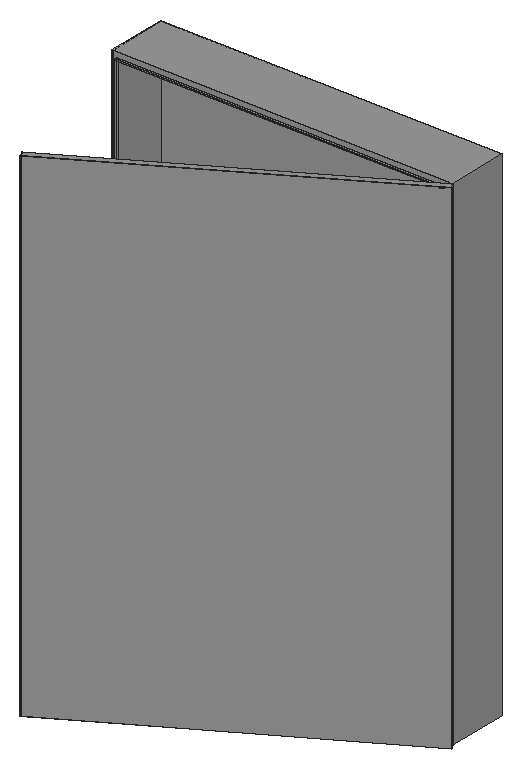
Revit family "Hager-Univers-IP54-D205-H550-Cl.I-Encl-NoHosted-CH-it", category Electrical Equipment, Revit 2020
Family settings
  Panel Configuration = Two Columns, Circuits Across
  Round Connector Dimension = Use Diameter
  Part Type = Panelboard
  Work Plane-Based = Yes
  Always vertical = Yes
  Cut with Voids When Loaded = No
  Shared = No
  Room Calculation Point = No
Parameters (values of type "A parete IP54 L1050 A1550 P205  - FP04TW2")
  Width Control [instance] = if([EF000008 - Larghezza] > Min Width, [EF000008 - Larghezza], Min Width)  # 1050 mm
  Type Comments = [HG000003 - Gamma]  # "Univers"
  Thickness Door [instance] = if([EF009171 - spessore materiale porta/coperchio] > 3 mm, 3 mm, [EF009171 - spessore materiale porta/coperchio])  # 1 mm
  Seal Frame Offset [instance] = 17 mm  # constant formula
  Plinth Visibility [instance] = [HG000027 - Altezza dello zoccolo] > 0 mm  # no
  Min Width [instance] = 100 mm  # constant formula
  Min Depth [instance] = (2 * [EF009170 - spessore materiale scatola]) + 1 mm  # 3 mm
  Min Height [instance] = 100 mm  # constant formula
  Internal Frame Depth [instance] = (Door System Depth * 0.5)  # 9 mm
  Panel Name [instance] = ""  # (empty or 0)
  Model = ""
  HG000027 - Altezza dello zoccolo = 0 mm
  HG000026 - A pavimento = no
  HG000024 - Altezza della sezione inferiore = 600 mm
  HG000023 - Custodia a doppia sezione = no
  HG000016 - Visibilità delle porte nella vista 3D [instance] = yes
  HG000015 - Visibilità attraverso la porta [instance] = no
  HG000014 - Porta destra [instance] = yes
  HG000013 - Porta sinistra [instance] = not([HG000014 - Porta destra])  # no
  HG000012 - Angolo di apertura della porta [instance] = 30.00°
  HG000010 - Porte asimmetriche = no
  HG000009 - Porta doppia a battente = no
  HG000006 - Ad incasso = no
  HG000004 - Codice produttore = "FP04TW2"
  HG000003 - Gamma = "Univers"
  HG000002 - Con porta = yes
  Frame Offset Bottom [instance] = 10 mm  # constant formula
  Frame Offset [instance] = 15 mm  # constant formula
  EF015940 - Coprire con rilascio di sovrapressione = no
  EF011959 - tipo di protezione (NEMA) = ""
  EF009554 - numero delle aperture per la piastra della flangia = 8
  EF009212 - esecuzione coperchio = "EV000116 - chiuso"
  EF009171 - spessore materiale porta/coperchio = 1 mm
  EF009170 - spessore materiale scatola = 1 mm
  EF008873 - corrente nominale (In) = 400 A
  EF007800 - adatto per parafulmine = no
  EF006306 - con serratura = no
  EF006244 - coperchio/porta trasparente = no
  EF005474 - grado di protezione (IP) = "EV006419 - IP54"
  EF004464 - tipo di porta = "EV003602 - doppio"
  EF004427 - numero di moduli = 480
  EF004293 - resistenza agli urti = "EV006815 - IK09"
  EF003532 - adatto per uso esterno = no
  EF002950 - Numero moduli DIN = 48
  EF001613 - Integrità del circuito = "EV000494 - senza"
  EF001596 - Attacco Lampada = "EV000179 - acciaio"
  EF001131 - profondità interna = 205 mm
  EF001088 - possibilità di applicazione = yes
  EF000437 - numero di ingressi per conduttori = 8
  EF000339 - tipo di copertura = "EV001012 - coperchio"
  EF000266 - numero di file = 10
  EF000218 - profondità di incasso = 205 mm
  EF000118 - con piastra di montaggio = no
  EF000116 - numero RAL = "9010"
  EF000049 - profondità = 205 mm
  EF000040 - Altezza = 1550 mm
  EF000008 - Larghezza = 1050 mm
  EF000007 - colore = "EV000202 - bianco"
  EF000003 - Tipo di montaggio = "EV000384 - A parete"
  Door System Leaf Tolerance [instance] = 1.5 mm  # constant formula
  Door System Depth [instance] = 18 mm  # constant formula
  Door Height [instance] = Height Control - [HG000027 - Altezza dello zoccolo]  # 1550 mm
  Description = ""
  Default Elevation = 1219.2 mm
  Connector Offset [instance] = Height Control / 2  # 775 mm
  Manufacturer = "Hager"  # constant formula
  Height Control [instance] = if([EF000040 - Altezza] > Min Height, [EF000040 - Altezza], Min Height)  # 1550 mm
  Depth Control [instance] = if([EF000049 - profondità] > Min Depth, [EF000049 - profondità], Min Depth)  # 205 mm
  Bottom Top Plate Trim [instance] = 1.5 mm  # constant formula
  Plinth height Ctrl [instance] = if([HG000027 - Altezza dello zoccolo] > 0 mm, [HG000027 - Altezza dello zoccolo], 12 mm)  # 12 mm
Reference planes
  plane 1 "Center (Front/Back)": y = 0
  plane 2: z = 0
  plane 3 "Center (Left/Right)": x = 0
  plane 4: y = 0
  plane 5: y = 0
  plane 6: z = 0
  plane 7: x = -525
  plane 8: x = 525
  plane 9: x = 524
  plane 10: x = -524
  plane 11: z = 0
  plane 12: z = 1
  plane 13: y = -205
  plane 14: y = -1
  plane 15: x = 0
  plane 16: y = -187
  plane 17: y = -204
  plane 18: y = -186
  plane 19: x = -509
  plane 20: x = 509
  plane 21: z = 11
  plane 22: x = -508
  plane 23: x = 508
  plane 24: z = 0
  plane 25: z = 1550
  plane 26: z = 1550
  plane 27: z = 1534
  plane 28: z = 1549
Forms (mm)
  Extrusion 1, solid, material "Hager_Steel_RAL7035_Light_Grey", detail levels medium+fine
    sketch origin (-208.679, -4572, 0) x (-1, 0, 0) y (0, -1, 0)
      loop
        line (316.321, -4385) -> (-733.679, -4385) -> (-733.679, -4572) -> (316.321, -4572) -> (316.321, -4385)
    from 0 to 1550
  Extrusion 2, void
    sketch origin (-350.771, -205, 1219.2) x (1, 0, 0) y (0, 0, 1)
      loop
        line (-173.229, 329.8) -> (-173.229, -1218.2) -> (874.771, -1218.2) -> (874.771, 329.8) -> (-173.229, 329.8)
    from -19 to -204
  Extrusion 3, void
    sketch origin (-290.084, -187, 1219.2) x (1, 0, 0) y (0, 0, 1)
      loop
        line (-218.916, -1208.2) -> (799.084, -1208.2) -> (799.084, 314.8) -> (-218.916, 314.8) -> (-218.916, -1208.2)
    from 0 to -1
  Extrusion 4, solid, material "Hager_Steel_RAL7035_Light_Grey", visible <- "Plinth Visibility", detail levels medium+fine
    sketch origin (0, 0, 0) x (1, 0, 0) y (0, 1, 0)
      loop
        line (-525, 0) -> (-525, -187) -> (525, -187) -> (525, 0) -> (-525, 0)
    from 0 to 12 <- "Plinth height Ctrl"
  Extrusion 5, solid, material "Hager_Steel_RAL7035_Light_Grey", detail levels coarse
    sketch origin (0, 0, 0) x (1, 0, 0) y (0, 1, 0)
      loop
        line (-525, 0) -> (-525, -205) -> (525, -205) -> (525, 0) -> (-525, 0)
    from 0 to 1550 <- "Height Control"
  Sweep 6, void
    path in 3D
      loop
        line (-525, -187, 12) -> (525, -187, 12) -> (525, 0, 12) -> (-525, 0, 12) -> (-525, -187, 12)
    profile origin (-525, -93.5, 12) x (1, 0, 0) y (0, 0, 1)
      loop
        line (0, 0) -> (0, -1.5) -> (1.5, -1.5)
        arc (1.5, -1.5) -> (1.061, -0.439) -> (0, 0) r 1.5
  Extrusion 7, solid, material "Hager_Steel_RAL7035_Light_Grey", detail levels fine
    sketch origin (-525, -187, 0) x (1, 0, 0) y (0, 0, 1)
      loop
        line (16, 11) -> (1034, 11) -> (1034, 1534) -> (16, 1534) -> (16, 11)
      loop
        line (15, 10) -> (1035, 10) -> (1035, 1535) -> (15, 1535) -> (15, 10)
    from 0 to 9 <- "Internal Frame Depth"
Cuts and joins
  Extrusion 2, Extrusion 3 cuts Extrusion 1
  Sweep 6 cuts Extrusion 4
Lines and regions (mm)
  Masking region 1
    outline origin (0, 0, 0) x (1, 0, 0) y (0, 1, 0)
      loop
        line (-525, 0) -> (-525, -205) -> (525, -205) -> (525, 0) -> (-525, 0)
  Masking region 2, detail levels coarse
    outline origin (-290.084, -187, 1219.2) x (-1, 0, 0) y (0, 0, 1)
      loop
        line (-815.084, -1219.2) -> (234.916, -1219.2) -> (234.916, 330.8) -> (-815.084, 330.8) -> (-815.084, -1219.2)
  Masking region 3, detail levels coarse
    outline origin (0, 0, 0) x (0, 1, 0) y (0, 0, 1)
      loop
        line (0, 0) -> (0, 1550) -> (-205, 1550) -> (-205, 0) -> (0, 0)
  Masking region 4, visible <- "Plinth Visibility", detail levels medium+fine
    outline origin (0, 0, 0) x (0, 1, 0) y (0, 0, 1)
      loop
        line (-1.5, 12) -> (-185.5, 12)
        arc (-185.5, 12) -> (-185.939, 10.939) -> (-187, 10.5) r 1.5
        line (-187, 10.5) -> (-187, 0) -> (0, 0) -> (0, 10.5)
        arc (0, 10.5) -> (-1.061, 10.939) -> (-1.5, 12) r 1.5
  Masking region 5, detail levels medium+fine
    outline origin (0, 0, 594.038) x (0, 1, 0) y (0, 0, 1)
      loop
        line (0, -594.038) -> (0, 955.962) -> (-187, 955.962) -> (-187, -594.038) -> (0, -594.038)
  Masking region 6, detail levels medium+fine
    outline origin (-359.7, -187, 1211.883) x (-1, 0, 0) y (0, 0, 1)
      loop
        line (-884.7, -1211.883) -> (165.3, -1211.883) -> (165.3, 338.117) -> (-884.7, 338.117) -> (-884.7, -1211.883)
  Masking region 7, visible <- "Plinth Visibility", detail levels medium+fine
    outline origin (-320.334, -187, 1041.368) x (-1, 0, 0) y (0, 0, 1)
      loop
        line (-845.334, -1041.368) -> (204.666, -1041.368) -> (204.666, -1030.868)
        arc (204.666, -1030.868) -> (203.606, -1030.429) -> (203.166, -1029.368) r 1.5
        line (203.166, -1029.368) -> (-843.834, -1029.368)
        arc (-843.834, -1029.368) -> (-844.273, -1030.429) -> (-845.334, -1030.868) r 1.5
        line (-845.334, -1030.868) -> (-845.334, -1041.368)
  sketch lines
    curve 1: line (-525, 0, 12) -> (-525, -187, 12)
    curve 2: line (-525, -187, 12) -> (525, -187, 12)
    curve 3: line (525, 0, 12) -> (-525, 0, 12)
    curve 4: line (525, -187, 12) -> (525, 0, 12)
Dimensions and locks
  locked: plane 1 "Center (Front/Back)" to plane 5
  "EF009170 - spessore materiale scatola": plane 7 to plane 10
  "EF009170 - spessore materiale scatola": plane 8 to plane 9
  equal spacing: plane 7, plane 3 "Center (Left/Right)", plane 8
  "Width Control": plane 7 to plane 8
  "Depth Control": plane 4 to plane 13
  "EF009170 - spessore materiale scatola": plane 4 to plane 14
  "Height Control": plane 25 to level
  "HG000027 - Altezza dello zoccolo": plane 11 to level
  "EF009170 - spessore materiale scatola": plane 12 to plane 11
  "EF009170 - spessore materiale scatola": plane 17 to plane 13
  "EF009170 - spessore materiale scatola": plane 18 to plane 16
  "Frame Offset Bottom": plane 21 to plane 12
  "Frame Offset": plane 10 to plane 19
  "Frame Offset": plane 9 to plane 20
  "Door System Depth": plane 16 to plane 13
  "Seal Frame Offset": plane 7 to plane 22
  "Seal Frame Offset": plane 8 to plane 23
  "EF009170 - spessore materiale scatola": plane 26 to plane 28
  "Frame Offset": plane 28 to plane 27
  "Connector Offset": plane 2 to connector elem
  "Bottom Top Plate Trim": profile plane to Sweep 6 sketch curve
  "Bottom Top Plate Trim": Sweep 6 sketch curve to Sweep 6 sketch curve
  "Plinth height Ctrl": Masking region 4 sketch curve to level
  "Plinth height Ctrl": Masking region 7 sketch curve to level
  "Thickness Door": Extrusion 7 sketch curve to Extrusion 7 sketch curve  (x4)
  "Bottom Top Plate Trim": radius of Sweep 6 sketch curve
  "Bottom Top Plate Trim": radius of Masking region 4 sketch curve  (x2)
  "Bottom Top Plate Trim": radius of Masking region 7 sketch curve  (x2)
  aligned and locked: Extrusion 2 sketch curve to plane 12
  aligned and locked: Extrusion 2 sketch curve to plane 9
  aligned and locked: Extrusion 2 sketch curve to plane 10
  aligned and locked: Extrusion 2 to plane 14
  aligned and locked: Extrusion 1 sketch curve to plane 4
  aligned and locked: plane 8 to Extrusion 1 sketch curve
  aligned and locked: plane 7 to Extrusion 1 sketch curve
  aligned and locked: Extrusion 2 to plane 18
  aligned and locked: Extrusion 3 sketch curve to plane 19
  aligned and locked: plane 20 to Extrusion 3 sketch curve
  aligned and locked: Extrusion 3 to Extrusion 2
  aligned and locked: Extrusion 3 sketch curve to plane 21
  aligned and locked: plane 3 "Center (Left/Right)" to nested 1
  aligned and locked: Extrusion 1 sketch curve to plane 16
  aligned and locked: Extrusion 4 sketch curve to cut or joined group of Extrusion 1, Extrusion 2, Extrusion 3
  aligned and locked: Masking region 1 sketch curve to plane 7
  aligned and locked: Masking region 1 sketch curve to plane 5
  aligned and locked: Masking region 1 sketch curve to plane 8
  aligned and locked: Masking region 2 sketch curve to level
  aligned and locked: level to Masking region 3 sketch curve
  aligned and locked: plane 1 "Center (Front/Back)" to Masking region 3 sketch curve
  aligned and locked: plane 13 to Masking region 3 sketch curve
  aligned and locked: plane 5 to Masking region 4 sketch curve
  aligned and locked: Masking region 2 sketch curve to plane 8
  aligned and locked: Masking region 2 sketch curve to plane 7
  aligned and locked: plane 7 to nested 2
  aligned and locked: nested 2 to plane 5
  aligned and locked: plane 5 to Masking region 5 sketch curve
  aligned and locked: plane 26 to Masking region 5 sketch curve
  aligned and locked: Extrusion 5 sketch curve to plane 8
  aligned and locked: Extrusion 5 sketch curve to plane 7
  aligned and locked: Extrusion 5 sketch curve to plane 5
  aligned and locked: Extrusion 3 sketch curve to plane 27
  aligned and locked: Extrusion 2 sketch curve to plane 28
  aligned and locked: Masking region 2 to plane 25
  aligned and locked: Extrusion 4 to plane 16
  aligned and locked: profile plane to Sweep 6 sketch curve
  aligned and locked: Masking region 5 sketch curve to plane 24
  aligned and locked: level to Masking region 4 sketch curve
  aligned and locked: Masking region 1 to plane 13
  aligned and locked: nested 1 to plane 16
  aligned and locked: Masking region 3 to plane 25
  aligned and locked: plane 16 to Masking region 4 sketch curve
  aligned and locked: Masking region 5 sketch curve to plane 16
  aligned and locked: plane 24 to plane 11
  aligned and locked: plane 26 to plane 25
  aligned and locked: plane 26 to cut or joined group of Extrusion 1, Extrusion 2, Extrusion 3
  aligned and locked: nested 1 to plane 24
  aligned and locked: Extrusion 1 to Extrusion 3
  aligned and locked: Masking region 6 sketch curve to plane 8
  aligned and locked: Masking region 6 sketch curve to plane 24
  aligned and locked: Masking region 6 sketch curve to plane 7
  aligned and locked: Masking region 6 sketch curve to plane 26
  aligned and locked: Masking region 7 sketch curve to plane 7
  aligned and locked: level to Masking region 7 sketch curve
  aligned and locked: Masking region 7 sketch curve to plane 8
  aligned and locked: Extrusion 7 sketch curve to cut or joined group of Extrusion 1, Extrusion 2, Extrusion 3  (x4)
Automatic sketch dimensions
  plane 19 to Extrusion 3 sketch curve = 0 mm
  Extrusion 3 sketch curve to plane 20 = 0 mm
  Extrusion 3 sketch curve to plane 21 = 0 mm
  Extrusion 4 sketch curve to plane 7 = 0 mm
  Extrusion 4 sketch curve to plane 8 = 0 mm
  Extrusion 4 sketch curve to plane 16 = 0 mm
  Masking region 1 sketch curve to plane 13 = 0 mm
  Masking region 2 sketch curve to plane 25 = 0 mm
  Masking region 3 sketch curve to plane 25 = 0 mm
  Extrusion 5 sketch curve to plane 13 = 0 mm
  profile plane to Sweep 6 sketch curve = 0 mm
Nested families
  nested 1: "EC000058_Univers_Door" at (0, -187, 0), Double <- "HG000009 - Porta doppia a battente", Transparent <- "EF006244 - coperchio/porta trasparente", Angle <- "HG000012 - Angolo di apertura della porta", Door_Right <- "HG000014 - Porta destra", Assymetrical <- "HG000010 - Porte asimmetriche", Door <- "HG000002 - Con porta", Width_Ctrl <- "Width Control", 3d_Door <- "HG000016 - Visibilità delle porte nella vista 3D", Clearance <- "HG000015 - Visibilità attraverso la porta", Door_Left <- "HG000013 - Porta sinistra", Width <- "Width Control", Door_Depth <- "Door System Depth", Leaf_Tolerance <- "Door System Leaf Tolerance", Height <- "Door Height", Lock_Visibility <- "EF006306 - con serratura", Thickness <- "Thickness Door", type "EC000058_Univers_Door", detail levels medium+fine
    with min_wh 3 mm, Width_Ctrl 1050 mm, Width 1050 mm, Transparent no, Thickness 1 mm, Seal_Material Hager_Rubber, Lock_Visibility no, Lock_Material Hager_Plastic_RAL9005_Jet_Black, Leaf_Width 1050 mm, Leaf_Tolerance_External_Sides 0 mm, Leaf_Tolerance 1.5 mm, Leaf_Offset 0 mm, Leaf_Height 1547 mm, Leaf_2_Width 1050 mm, Leaf_2_Offset 525 mm, Leaf_1_Width 1050 mm, Leaf_1_Offset 525 mm, Height_Ctrl 1550 mm, Height 1550 mm, Glass_Material Hager_Glass, Double_Clearance_Ctrl no, Double no, Door_Right_Ctrl yes, Door_Right yes, Door_Material Hager_Steel_RAL7035_Light_Grey, Door_Left_Ctrl no, Door_Left no, Door_Depth 18 mm, Door yes, Clearance_Material Hager_Clearance, Clearance_Depth 1050 mm, Clearance_Ctrl no, Clearance no, Assymetrical no, Angle 30.00°, 3d_Door yes
  nested 2: "Hager_Enclosure_Symbol" at (-525, 0, 0), Height <- "Depth Control", Width <- "Width Control", type "Hager_Enclosure_Symbol"
    with Width_Ctrl 1050 mm, Width 1050 mm, Height_Ctrl 205 mm, Height 205 mm, A_Width_Int 13.453 mm, A_Width 161.438 mm, A_Height_Ctrl 179.375 mm, A_Height 179.375 mm
Connectors
  electrical at (0, 0, 775)
    settings: on plane 1 "Center (Front/Back)", index 1, voltage 0 V, apparent load 0 VA, apparent load phase1 0 VA, apparent load phase2 0 VA, apparent load phase3 0 VA, power factor 1, load classification "Other", number of poles 1, system type 30, power factor state 1, is connector primary yes, connector utility no, sub classification motor no, connector description ""
Definition of nested family "EC000058_Univers_Door"
  Parameters (values of type "EC000058_Univers_Door")
    min_wh [instance] = (2 * Thickness) + 1 mm  # 11 mm
    Width_Ctrl [instance] = 400 mm
    Width [instance] = 500 mm
    Transparent [instance] = yes
    Thickness [instance] = 5 mm
    Seal_Material [instance] = none
    Lock_Visibility [instance] = yes
    Lock_Material [instance] = none
    Leaf_Width [instance] = if((Width_Ctrl - 2 * Leaf_Tolerance_External_Sides) > 0 mm, (Width_Ctrl - 2 * Leaf_Tolerance_External_Sides), min_wh)  # 400 mm
    Leaf_Tolerance_External_Sides [instance] = 0 mm  # constant formula
    Leaf_Tolerance [instance] = 1.5 mm
    Leaf_Offset [instance] = 0 mm  # constant formula
    Leaf_Height [instance] = if((Height_Ctrl - 2 * Leaf_Tolerance) > 0 mm, (Height_Ctrl - 2 * Leaf_Tolerance), min_wh)  # 497 mm
    Leaf_2_Width [instance] = if(and(and(Double, Assymetrical), Door_Left), (Leaf_Width / 3) - (Leaf_Tolerance / 2), if(and(and(Double, Assymetrical), Door_Right), (Leaf_Width / 3) * 2 - (Leaf_Tolerance / 2), if(and(Double, not(Assymetrical)), (Leaf_Width / 2) - Leaf_Tolerance, Leaf_Width)))  # 400 mm
    Leaf_2_Offset [instance] = if(and(Double, Assymetrical), Leaf_2_Width / 2, if(and(Double, not(Assymetrical)), Leaf_Width / 4, Leaf_Width / 2))  # 200 mm
    Leaf_1_Width [instance] = if(and(and(Double, Assymetrical), Door_Right), (Leaf_Width / 3) - (Leaf_Tolerance / 2), if(and(and(Double, Assymetrical), Door_Left), (Width / 3) * 2 - (Leaf_Tolerance / 2), if(and(Double, not(Assymetrical)), (Leaf_Width / 2) - Leaf_Tolerance, Leaf_Width)))  # 400 mm
    Leaf_1_Offset [instance] = if(and(Double, Assymetrical), Leaf_1_Width / 2, if(and(Double, not(Assymetrical)), Leaf_Width / 4, Leaf_Width / 2))  # 200 mm
    Height_Ctrl [instance] = if(Height > min_wh, Height, min_wh)  # 500 mm
    Height [instance] = 500 mm
    Glass_Material [instance] = none
    Double_Clearance_Ctrl [instance] = and(Double, Clearance)  # no
    Double [instance] = no
    Door_Right_Ctrl [instance] = and(or(Door_Right, Double), Door)  # yes
    Door_Right [instance] = yes
    Door_Material [instance] = none
    Door_Left_Ctrl [instance] = and(or(Door_Left, Double), Door)  # no
    Door_Left [instance] = no
    Door_Depth [instance] = 30 mm
    Door [instance] = yes
    Default Elevation = 1219.2 mm
    Clearance_Material [instance] = none
    Clearance_Depth [instance] = if(Leaf_1_Width > Leaf_2_Width, Leaf_1_Width, Leaf_2_Width)  # 400 mm
    Clearance_Ctrl [instance] = and(not(Double), Clearance)  # yes
    Clearance [instance] = yes
    Assymetrical [instance] = yes
    Angle [instance] = 30.00°
    3d_Door [instance] = yes
  Reference planes
    plane 1 "Center (Front/Back)": y = 0
    plane 2 "Bottom": z = 0
    plane 3 "Center (Left/Right)": x = 0
    plane 4: z = 500
    plane 5: x = -200
    plane 6: x = 200
    plane 7: z = 500
    plane 8: x = -200
    plane 9: z = 0
    plane 10: x = 200
    plane 11: y = 0
    plane 12: z = 1.5
    plane 13: x = -600
    plane 14: y = -400
    plane 15: x = 600
    plane 16: x = 0
    plane 17: x = 0
    plane 18: x = -200
    plane 19: x = 200
    plane 20: z = 498.5
  Forms (mm)
    Extrusion 1, solid, material <- "Clearance_Material", visible <- "Double_Clearance_Ctrl"
      sketch origin (1200, 0, 0) x (1, 0, 0) y (0, 0, -1)
        loop
          line (-1800, -498.5) -> (-600, -498.5) -> (-600, 0) -> (-1800, 0) -> (-1800, -498.5)
      from 0 to -400
  Dimensions and locks
    equal spacing: plane 5, plane 3 "Center (Left/Right)", plane 6
    "Width_Ctrl": plane 5 to plane 6
    "Leaf_Offset": plane 5 to plane 8
    "Leaf_Offset": plane 6 to plane 10
    "Leaf_Offset": plane 9 to level
    "Leaf_Offset": plane 4 to plane 7
    "Height_Ctrl": plane 4 to level
    "Leaf_Tolerance": plane 12 to plane 9
    locked: plane 11 to plane 1 "Center (Front/Back)"
    "Leaf_1_Offset": plane 18 to plane 16
    "Leaf_2_Offset": plane 17 to plane 19
    "Leaf_1_Width": plane 13 to plane 8
    "Leaf_2_Width": plane 10 to plane 15
    "Clearance_Depth": plane 14 to plane 1 "Center (Front/Back)"
    "Leaf_Tolerance_External_Sides": plane 8 to plane 18
    "Leaf_Tolerance_External_Sides": plane 19 to plane 10
    "Leaf_Tolerance": plane 7 to plane 20
    aligned and locked: level to plane 2 "Bottom"
    aligned and locked: nested 1 to plane 16
    aligned and locked: nested 2 to plane 17
    aligned and locked: Extrusion 1 to plane 13
    aligned and locked: plane 15 to Extrusion 1
    aligned and locked: Extrusion 1 to plane 14
    aligned and locked: plane 12 to nested 1
    aligned and locked: nested 2 to plane 12
    aligned and locked: Extrusion 1 to plane 11
    aligned and locked: plane 20 to Extrusion 1
    aligned and locked: nested 2 to plane 11
    aligned and locked: nested 1 to plane 11
  Automatic sketch dimensions
    Extrusion 1 sketch curve to level = 0 mm
    plane 5 to Extrusion 1 sketch curve = 400 mm
    plane 6 to Extrusion 1 sketch curve = 400 mm
    Extrusion 1 sketch curve to plane 4 = 1.5 mm
  Nested families
    nested 1: "EC000058_Univers_Door_Leaf" at (0, 0, 1.5), Width <- "Leaf_1_Width", visible <- "Door_Left_Ctrl", Leaf_Height <- "Leaf_Height", Angle <- "Angle", 3d_Door <- "3d_Door", Transparent <- "Transparent", Clearance Material <- "Clearance_Material", Clearance <- "Clearance_Ctrl", Door_Material <- "Door_Material", Glass_Material <- "Glass_Material", Door_Depth <- "Door_Depth", Lock_Material <- "Lock_Material", Seal_Material <- "Seal_Material", Lock_Visibility <- "Lock_Visibility", Thickness <- "Thickness", type "EC000058_Univers_Door_Leaf"
      with Width 400 mm, Transparent_Glass_Offset 30 mm, Transparent_Ctrl yes, Transparent yes, Thickness 5 mm, Standard no, Seal_Material none, Seal_D2 8 mm, Seal_D1 1 mm, Offset_Internal_Frame 10 mm, Lock_Width 20 mm, Lock_Visibility_3d yes, Lock_Visibility yes, Lock_Thickness_3 3 mm, Lock_Thickness_2 1 mm, Lock_Thickness_1 3 mm, Lock_Radius_Offset_2 16 mm, Lock_Radius_Offset_1 15 mm, Lock_Radius_2 5 mm, Lock_Radius 6 mm, Lock_Offset 5 mm, Lock_Material none, Lock_Height 80 mm, Lock_Cover_Top_Offset_2d 17 mm, Lock_Cover_Height -65 mm, Leaf_Height 497 mm, Internal_Seal_Thickness 8 mm, Internal_Seal_Depth_2 4.5 mm, Internal_Frame_Depth 25 mm, Glass_Thickness -1 mm, Glass_Offset -2 mm, Glass_Material none, Door_Material none, Door_Depth 30 mm, Clearance Material none, Clearance yes, Angle_Ctrl 30.00°, Angle 30.00°, 3d_Door yes
    nested 2: "EC000058_Univers_Door_Leaf" at (0, 0, 1.5) x (-1, 0, 0) z (0, 0, 1), Width <- "Leaf_2_Width", visible <- "Door_Right_Ctrl", Leaf_Height <- "Leaf_Height", Angle <- "Angle", 3d_Door <- "3d_Door", Transparent <- "Transparent", Clearance Material <- "Clearance_Material", Clearance <- "Clearance_Ctrl", Door_Material <- "Door_Material", Glass_Material <- "Glass_Material", Door_Depth <- "Door_Depth", Lock_Material <- "Lock_Material", Seal_Material <- "Seal_Material", Lock_Visibility <- "Lock_Visibility", Thickness <- "Thickness", type "EC000058_Univers_Door_Leaf"
      with Width 400 mm, Transparent_Glass_Offset 30 mm, Transparent_Ctrl yes, Transparent yes, Thickness 5 mm, Standard no, Seal_Material none, Seal_D2 8 mm, Seal_D1 1 mm, Offset_Internal_Frame 10 mm, Lock_Width 20 mm, Lock_Visibility_3d yes, Lock_Visibility yes, Lock_Thickness_3 3 mm, Lock_Thickness_2 1 mm, Lock_Thickness_1 3 mm, Lock_Radius_Offset_2 16 mm, Lock_Radius_Offset_1 15 mm, Lock_Radius_2 5 mm, Lock_Radius 6 mm, Lock_Offset 5 mm, Lock_Material none, Lock_Height 80 mm, Lock_Cover_Top_Offset_2d 17 mm, Lock_Cover_Height -65 mm, Leaf_Height 497 mm, Internal_Seal_Thickness 8 mm, Internal_Seal_Depth_2 4.5 mm, Internal_Frame_Depth 25 mm, Glass_Thickness -1 mm, Glass_Offset -2 mm, Glass_Material none, Door_Material none, Door_Depth 30 mm, Clearance Material none, Clearance yes, Angle_Ctrl 30.00°, Angle 30.00°, 3d_Door yes
  Definition of nested family "EC000058_Univers_Door_Leaf"
    Parameters (values of type "EC000058_Univers_Door_Leaf")
      Width [instance] = 2000 mm
      Transparent_Glass_Offset [instance] = 30 mm
      Transparent_Ctrl [instance] = and(Transparent, [3d_Door])  # yes
      Transparent [instance] = yes
      Thickness [instance] = 5 mm
      Standard [instance] = and(not(Transparent), [3d_Door])  # no
      Seal_Material [instance] = none
      Seal_D2 [instance] = 8 mm  # constant formula
      Seal_D1 [instance] = 1 mm  # constant formula
      Offset_Internal_Frame [instance] = 10 mm  # constant formula
      Lock_Width [instance] = 20 mm  # constant formula
      Lock_Visibility_3d [instance] = and(Lock_Visibility, [3d_Door])  # yes
      Lock_Visibility [instance] = yes
      Lock_Thickness_3 [instance] = 3 mm  # constant formula
      Lock_Thickness_2 [instance] = 1 mm  # constant formula
      Lock_Thickness_1 [instance] = 3 mm  # constant formula
      Lock_Radius_Offset_2 [instance] = Lock_Radius_Offset_1 + 1 mm  # 16 mm
      Lock_Radius_Offset_1 [instance] = 15 mm  # constant formula
      Lock_Radius_2 [instance] = Lock_Radius - 1 mm  # 5 mm
      Lock_Radius [instance] = 6 mm  # constant formula
      Lock_Offset [instance] = 5 mm  # constant formula
      Lock_Material [instance] = none
      Lock_Height [instance] = 80 mm  # constant formula
      Lock_Cover_Top_Offset_2d [instance] = Lock_Radius_Offset_2 + 1 mm  # 17 mm
      Lock_Cover_Height [instance] = -(Lock_Height - Lock_Radius_Offset_1)  # -65 mm
      Leaf_Height [instance] = 2720.336 mm
      Internal_Seal_Thickness [instance] = 8 mm  # constant formula
      Internal_Seal_Depth_2 [instance] = 4.5 mm  # constant formula
      Internal_Frame_Depth [instance] = if(Door_Depth - Thickness > 5 mm, Door_Depth - Thickness, 5 mm)  # 25 mm
      Glass_Thickness [instance] = if(Thickness > 15 mm, Glass_Offset + 10 mm, -1 mm)  # -1 mm
      Glass_Offset [instance] = if(Thickness > 15 mm, -(Thickness + 10 mm) / 2, -2 mm)  # -2 mm
      Glass_Material [instance] = none
      Door_Material [instance] = none
      Door_Depth [instance] = 30 mm
      Default Elevation = 0 mm
      Clearance Material [instance] = none
      Clearance [instance] = yes
      Angle_Ctrl [instance] = if(Angle > 180.00°, 180.00°, Angle)  # 90.00°
      Angle [instance] = 90.00°
      3d_Door [instance] = yes
    Reference planes
      plane 1 "Center (Front/Back)": y = 0
      plane 2: z = 0
      plane 3 "Center (Left/Right)": x = 0
      plane 4: y = 2000
      plane 5: x = -1000
      plane 6: x = 1000
      plane 7: x = -3000
      plane 8: z = 2720.336
      plane 9: z = 30
      plane 10: z = 2690.336
      plane 11: x = 970
      plane 12: x = -970
      plane 13: y = -3
      plane 14: z = 107.833
      plane 15: y = -5
      plane 16: y = -223.314
      plane 17: x = -1000
      plane 18: z = 1360.168
      plane 19: y = 30
    Forms (mm)
      Extrusion 1, solid, material <- "Clearance Material", visible <- "Clearance"
        sketch origin (0, 0, 0) x (1, 0, 0) y (0, 0, 1)
          loop
            line (-3000, 2720.336) -> (-3000, 0) -> (1000, 0) -> (1000, 2720.336) -> (-3000, 2720.336)
        from 0 to -2000
      Extrusion 2, solid, material <- "Door_Material", visible <- "Standard", detail levels medium+fine
        sketch origin (-1000, 0, 0) x (0, 1, 0) y (-1, 0, 0)
          loop
            line (0, 30) -> (0, 25) -> (2000, 25) -> (2000, 30) -> (0, 30)
        from 0 to 2720.336 <- "Leaf_Height"
      Extrusion 3, solid, material <- "Door_Material", visible <- "Transparent_Ctrl", detail levels medium+fine
        sketch origin (-1000, 0, 0) x (0, 1, 0) y (-1, 0, 0)
          loop
            line (0, 25) -> (2000, 25) -> (2000, 30) -> (0, 30) -> (0, 25)
        from 0 to 2720.336 <- "Leaf_Height"
      Extrusion 4, void
        sketch origin (-1025, 2000, 0) x (0, 1, 0) y (0, 0, -1)
          loop
            line (-30, -2690.336) -> (-30, -30) -> (-1970, -30) -> (-1970, -2690.336) -> (-30, -2690.336)
        from 0 to 5 <- "Thickness"
      Sweep 5, solid, material <- "Seal_Material", visible <- "Transparent_Ctrl", detail levels fine
        path in 3D
          loop
            line (-1025, 30, 30) -> (-1025, 30, 2690.336) -> (-1025, 1970, 2690.336) -> (-1025, 1970, 30) -> (-1025, 30, 30)
        profile origin (-1025, 1000, 30) x (1, 0, 0) y (0, 0, 1)
          loop
            line (0, 0) -> (0, -8) -> (1, -8) -> (1, 0) -> (0, 0)
      Extrusion 6, solid, material <- "Glass_Material", visible <- "Transparent_Ctrl", detail levels medium+fine
        sketch origin (-1030, 0, 0) x (0, 1, 0) y (0, 0, -1)
          loop
            line (1970, -2690.336) -> (1970, -30) -> (30, -30) -> (30, -2690.336) -> (1970, -2690.336)
        from -2 <- "Glass_Offset" to -1 <- "Glass_Thickness"
      Extrusion 7, solid, material <- "Door_Material", visible <- "3d_Door", detail levels medium+fine
        sketch origin (-1025, 2000, 0) x (0, -1, 0) y (0, 0, -1)
          loop
            line (0, -2720.336) -> (2000, -2720.336) -> (2000, 0) -> (0, 0) -> (0, -2720.336)
          loop
            line (1995, -5) -> (5, -5) -> (5, -2715.336) -> (1995, -2715.336) -> (1995, -5)
        from 0 to 25 <- "Internal_Frame_Depth"
      Sweep 8, solid, material <- "Seal_Material", visible <- "Transparent_Ctrl", detail levels fine
        path in 3D
          loop
            line (-1025, 0, 0) -> (-1025, 2000, 0) -> (-1025, 2000, 2720.336) -> (-1025, 0, 2720.336) -> (-1025, 0, 0)
        profile origin (-1025, 0, 1360.168) x (1, 0, 0) y (0, 1, 0)
          loop
            line (0, 10) -> (2.975, 10)
            arc (2.975, 10) -> (4.053, 10.447) -> (4.5, 11.525) r 1.525
            line (4.5, 11.525) -> (4.5, 16.527)
            arc (4.5, 16.527) -> (4.069, 17.569) -> (3.027, 18) r 1.473
            line (3.027, 18) -> (0, 18) -> (0, 10)
      Extrusion 9, solid, material <- "Lock_Material", visible <- "Lock_Visibility_3d", detail levels fine
        sketch origin (-1030, 0, 0) x (0, 1, 0) y (0, 0, -1)
          loop
            arc (1993.5, -1400.168) -> (1994.561, -1399.729) -> (1995, -1398.668) r 1.5
            line (1995, -1398.668) -> (1995, -1320.168) -> (1975, -1320.168) -> (1975, -1398.668)
            arc (1975, -1398.668) -> (1975.439, -1399.729) -> (1976.5, -1400.168) r 1.5
            line (1976.5, -1400.168) -> (1993.5, -1400.168)
        from 3 <- "Lock_Thickness_1" to 0
      Blend 10, solid, material <- "Lock_Material", visible <- "Lock_Visibility_3d", detail levels fine
        base sketch origin (-1033, 0, 0) x (0, 1, 0) y (0, 0, -1)
          loop
            line (1975, -1320.168) -> (1975, -1398.668)
            arc (1975, -1398.668) -> (1975.439, -1399.729) -> (1976.5, -1400.168) r 1.5
            line (1976.5, -1400.168) -> (1993.5, -1400.168)
            arc (1993.5, -1400.168) -> (1994.561, -1399.729) -> (1995, -1398.668) r 1.5
            line (1995, -1398.668) -> (1995, -1320.168) -> (1975, -1320.168)
        top sketch origin (-1033, 0, 0) x (0, 1, 0) y (0, 0, -1)
          loop
            line (1976, -1320.168) -> (1976, -1398.668)
            arc (1976, -1398.668) -> (1976.146, -1399.022) -> (1976.5, -1399.168) r 0.5
            line (1976.5, -1399.168) -> (1993.5, -1399.168)
            arc (1993.5, -1399.168) -> (1993.854, -1399.022) -> (1994, -1398.668) r 0.5
            line (1994, -1398.668) -> (1994, -1320.168) -> (1976, -1320.168)
        from 0 to 1 <- "Lock_Thickness_2"
      Blend 11, solid, material <- "Lock_Material", visible <- "Lock_Visibility_3d", detail levels fine
        base sketch origin (-1034, 0, 0) x (0, 1, 0) y (0, 0, -1)
          loop
            line (1978, -1320.168) -> (1978, -1384.168)
            arc (1978, -1384.168) -> (1985, -1391.168) -> (1992, -1384.168) r 7
            line (1992, -1384.168) -> (1992, -1320.168) -> (1978, -1320.168)
        top sketch origin (-1034, 0, 0) x (0, 1, 0) y (0, 0, -1)
          loop
            line (1991, -1320.168) -> (1979, -1320.168) -> (1979, -1383.168)
            arc (1979, -1383.168) -> (1985, -1389.168) -> (1991, -1383.168) r 6
            line (1991, -1383.168) -> (1991, -1320.168)
        from 0 to 3 <- "Lock_Thickness_3"
      Extrusion 12, solid, material <- "Lock_Material", visible <- "Lock_Visibility_3d", detail levels fine
        sketch origin (-1030, 1975, 1320.168) x (1, 0, 0) y (0, -1, 0)
          loop
            line (-7, -19) -> (-7, -1) -> (0, -1) -> (0, 0) -> (-8, 0) -> (-8, -20) -> (0, -20) -> (0, -19) -> (-7, -19)
        from 0 to -65 <- "Lock_Cover_Height"
      Extrusion 13, void
        sketch origin (-1038, 1995, 1320.168) x (-1, 0, 0) y (0, 0, -1)
          loop
            line (-5, -65) -> (0, -65) -> (-5, -60) -> (-5, -65)
        from 0 to 20 <- "Lock_Width"
      Extrusion 14, void
        sketch origin (-1038, 1975, 1320.168) x (0, -1, 0) y (0, 0, -1)
          loop
            circle (-10, -15.995) r 6
          loop
            circle (-10, -15.995) r 5
        from 0 to 2
      Extrusion 15, solid, material <- "Lock_Material", visible <- "Lock_Visibility_3d", detail levels medium
        sketch origin (-1030, 0, 0) x (0, 1, 0) y (0, 0, -1)
          loop
            arc (1993.5, -1400.168) -> (1994.561, -1399.729) -> (1995, -1398.668) r 1.5
            line (1995, -1398.668) -> (1995, -1320.168) -> (1975, -1320.168) -> (1975, -1398.668)
            arc (1975, -1398.668) -> (1975.439, -1399.729) -> (1976.5, -1400.168) r 1.5
            line (1976.5, -1400.168) -> (1993.5, -1400.168)
        from 8 to 0
    Cuts and joins
      Extrusion 4 cuts Extrusion 3
      Extrusion 13, Extrusion 14 cuts Extrusion 9
      Extrusion 14 cuts Blend 11
      Extrusion 13, Extrusion 14 cuts Extrusion 12
      joined: Extrusion 9, Blend 10, Blend 11, Extrusion 12
      Extrusion 14 cuts Extrusion 15
    Lines and regions (mm)
      Masking region 1, visible <- "Lock_Visibility", detail levels fine
        outline origin (0, 0, 0) x (0, 1, 0) y (0, 0, 1)
          loop
            line (30, 1320.168) -> (33, 1320.168) -> (33, 1400.168) -> (30, 1400.168) -> (30, 1320.168)
      Masking region 2, visible <- "Lock_Visibility", detail levels fine
        outline origin (0, 3.143, 0) x (0, 1, 0) y (0, 0, 1)
          loop
            line (29.857, 1354.168) -> (30.857, 1354.168) -> (30.857, 1366.168) -> (29.857, 1366.168) -> (29.857, 1354.168)
      Masking region 3, detail levels medium+fine
        outline origin (0, 0, 0) x (0, 1, 0) y (0, 0, 1)
          loop
            line (0, 0) -> (30, 0) -> (30, 2720.336) -> (0, 2720.336) -> (0, 0)
      Masking region 4, detail levels medium+fine
        outline origin (0, 0, 0) x (1, 0, 0) y (0, 0, 1)
          loop
            line (-1000, 2720.336) -> (-1000, 0) -> (1000, 0) -> (1000, 2720.336) -> (-1000, 2720.336)
      Masking region 5, visible <- "Lock_Visibility", detail levels fine
        outline origin (-47.116, 0, 0) x (1, 0, 0) y (0, 0, 1)
          loop
            arc (1024.616, 1399.168) -> (1023.556, 1398.729) -> (1023.116, 1397.668) r 1.5
            line (1023.116, 1397.668) -> (1023.116, 1320.168) -> (1041.116, 1320.168) -> (1041.116, 1397.668)
            arc (1041.116, 1397.668) -> (1040.677, 1398.729) -> (1039.616, 1399.168) r 1.5
            line (1039.616, 1399.168) -> (1024.616, 1399.168)
      Masking region 6, visible <- "Lock_Visibility", detail levels medium+fine
        outline origin (-25, 0, 0) x (1, 0, 0) y (0, 0, 1)
          loop
            arc (1001.5, 1400.168) -> (1000.439, 1399.729) -> (1000, 1398.668) r 1.5
            line (1000, 1398.668) -> (1000, 1320.168) -> (1020, 1320.168) -> (1020, 1398.668)
            arc (1020, 1398.668) -> (1019.561, 1399.729) -> (1018.5, 1400.168) r 1.5
            line (1018.5, 1400.168) -> (1001.5, 1400.168)
      Masking region 7, visible <- "Lock_Visibility", detail levels fine
        outline origin (-73.735, 0, 0) x (1, 0, 0) y (0, 0, 1)
          loop
            line (1051.735, 1382.168) -> (1065.735, 1382.168) -> (1065.735, 1384.168)
            arc (1065.735, 1384.168) -> (1058.735, 1391.168) -> (1051.735, 1384.168) r 7
            line (1051.735, 1384.168) -> (1051.735, 1382.168)
      Masking region 8, visible <- "Lock_Visibility", detail levels fine
        outline origin (-73.735, 0, 0) x (1, 0, 0) y (0, 0, 1)
          loop
            line (1052.735, 1382.168) -> (1064.735, 1382.168) -> (1064.735, 1383.168)
            arc (1064.735, 1383.168) -> (1058.735, 1389.168) -> (1052.735, 1383.168) r 6
            line (1052.735, 1383.168) -> (1052.735, 1382.168)
      Masking region 9, visible <- "Lock_Visibility", detail levels fine
        outline origin (-25, 0, 0) x (1, 0, 0) y (0, 0, 1)
          loop
            line (1020, 1320.168) -> (1020, 1382.168) -> (1000, 1382.168) -> (1000, 1320.168) -> (1020, 1320.168)
      Masking region 10, detail levels medium+fine
        outline origin (0, 0, 0) x (1, 0, 0) y (0, 0, 1)
          loop
            circle (985, 1335.144) r 6
      Masking region 11, detail levels fine
        outline origin (0, 0, 0) x (1, 0, 0) y (0, 0, 1)
          loop
            circle (985, 1335.144) r 5
      Masking region 12, visible <- "Lock_Visibility", detail levels fine
        outline origin (0, 12.767, 0) x (0, 1, 0) y (0, 0, 1)
          loop
            line (20.233, 1320.168) -> (21.233, 1320.168) -> (21.233, 1399.168) -> (20.233, 1400.168) -> (20.233, 1320.168)
      Masking region 13, visible <- "Lock_Visibility", detail levels fine
        outline origin (0, 13.767, -10) x (0, 1, 0) y (0, 0, 1)
          loop
            line (20.233, 1330.168) -> (23.233, 1330.168) -> (23.233, 1399.168) -> (20.233, 1402.168) -> (20.233, 1330.168)
      Masking region 14, visible <- "Lock_Visibility", detail levels fine
        outline origin (0, 12.767, -10) x (0, 1, 0) y (0, 0, 1)
          loop
            line (20.233, 1330.168) -> (25.233, 1330.168) -> (25.233, 1399.305) -> (20.233, 1394.305) -> (20.233, 1330.168)
      Masking region 15, visible <- "Lock_Visibility", detail levels medium
        outline origin (0, 0, 0) x (0, 1, 0) y (0, 0, 1)
          loop
            line (30, 1320.168) -> (38, 1320.168) -> (38, 1400.168) -> (30, 1400.168) -> (30, 1320.168)
      Masking region 16, visible <- "Lock_Visibility", detail levels fine
        outline origin (-1000, 0, 0) x (0, 1, 0) y (-1, 0, 0)
          loop
            line (1975, 30) -> (1995, 30) -> (1995, 38) -> (1975, 38) -> (1975, 30)
          loop
            line (1979, 37) -> (1976, 37) -> (1976, 34) -> (1978, 34) -> (1979, 37)
          loop
            line (1994, 37) -> (1991, 37) -> (1992, 34) -> (1994, 34) -> (1994, 37)
      Masking region 17, visible <- "Lock_Visibility", detail levels medium
        outline origin (-1000, 0, 0) x (0, 1, 0) y (-1, 0, 0)
          loop
            line (1975, 30) -> (1995, 30) -> (1995, 38) -> (1975, 38) -> (1975, 30)
      symbolic lines
        curve 1: line (1000, 0, 0) -> (-3000, 0, 0)
        curve 2: arc (1000, 0, 0) -> (-1000, 2000, 0) -> (-3000, 0, 0) r 2000
        curve 4: line (-1030, 0, 0) -> (-1030, 2000, 0)
      reference lines
        curve 3: line (-1000, 0, 0) -> (-1000, 2000, 0)
      symbolic lines, detail levels medium+fine
        curve 5: line (-1030, 2000, 0) -> (-1025, 2000, 0)
        curve 7: line (-1025, 0, 0) -> (-1030, 0, 0)
        curve 8: line (-1025, 0, 0) -> (-1000, 0, 0)
        curve 9: line (-1000, 0, 0) -> (-1000, 2000, 0)
        curve 10: line (-1000, 2000, 0) -> (-1025, 2000, 0)
      symbolic lines, detail levels fine
        curve 6: line (-1025, 2000, 0) -> (-1025, 0, 0)
      sketch lines
        curve 11: line (-1025, 0, 2720.336) -> (-1025, 0, 0)
        curve 12: line (-1025, 2000, 0) -> (-1025, 0, 0)
        curve 13: line (-1025, 2000, 2720.336) -> (-1025, 2000, 0)
        curve 14: line (-1025, 0, 2720.336) -> (-1025, 2000, 2720.336)
        curve 15: line (-1025, 1970, 30) -> (-1025, 30, 30)
        curve 16: line (-1025, 30, 30) -> (-1025, 30, 2690.336)
        curve 17: line (-1025, 1970, 2690.336) -> (-1025, 1970, 30)
        curve 18: line (-1025, 30, 2690.336) -> (-1025, 1970, 2690.336)
      symbolic lines, visible <- "Transparent", detail levels medium+fine
        curve 19: line (-970, 0, 2690.336) -> (970, 0, 2690.336)
        curve 20: line (-970, 0, 30) -> (-970, 0, 2690.336)
        curve 21: line (970, 0, 30) -> (-970, 0, 30)
        curve 22: line (970, 0, 2690.336) -> (970, 0, 30)
    Dimensions and locks
      "Width": plane 1 "Center (Front/Back)" to plane 4
      equal spacing: plane 5, plane 3 "Center (Left/Right)", plane 6
      "Width": plane 5 to plane 6
      "Width": plane 7 to plane 5
      "Leaf_Height": plane 8 to level
      "Width": curve 5 to curve 3
      "Width": curve 3 to curve 3
      plane 8 to plane 10 = 30 mm
      plane 9 to level = 30 mm
      plane 12 to plane 5 = 30 mm
      plane 6 to plane 11 = 30 mm
      Extrusion 1 to Extrusion 4 sketch curve = 30 mm
      "Transparent_Glass_Offset": curve 3 to Extrusion 4 sketch curve
      "Transparent_Glass_Offset": Extrusion 4 sketch curve to cut or joined group of Extrusion 3, Extrusion 4  (x2)
      cut or joined group of Extrusion 3, Extrusion 4 to Extrusion 6 sketch curve = 30 mm
      "Transparent_Glass_Offset": cut or joined group of Extrusion 3, Extrusion 4 to Extrusion 4 sketch curve
      "Thickness": curve 6 to curve 4
      "Thickness": Extrusion 7 sketch curve to Extrusion 7 sketch curve  (x4)
      "Door_Depth": curve 4 to curve 3
      "Offset_Internal_Frame": profile plane to Sweep 8 sketch curve
      "Internal_Seal_Thickness": Sweep 8 sketch curve to Sweep 8 sketch curve
      "Internal_Seal_Depth_2": profile plane to Sweep 8 sketch curve
      "Seal_D1": profile plane to Sweep 5 sketch curve
      "Seal_D2": profile plane to Sweep 5 sketch curve
      "Thickness": Extrusion 2 sketch curve to Extrusion 2 sketch curve
      equal spacing: Extrusion 9 sketch curve, plane 18, Extrusion 9 sketch curve  (x2)
      equal spacing: Masking region 1 sketch curve, plane 18, Masking region 1 sketch curve
      "Lock_Height": Masking region 1 sketch curve to Masking region 1 sketch curve
      "Lock_Radius": Masking region 2 sketch curve to plane 18 to Masking region 2 sketch curve
      Masking region 2 sketch curve to Masking region 1 = 1 mm
      "Door_Depth": plane 19 to plane 1 "Center (Front/Back)"
      "Lock_Thickness_1": Masking region 1 sketch curve to plane 19
      "Lock_Width": Extrusion 9 sketch curve to Extrusion 9 sketch curve
      "Lock_Height": Extrusion 9 sketch curve to Extrusion 9 sketch curve
      "Lock_Offset": cut or joined group of Extrusion 3, Extrusion 4 to Extrusion 9 sketch curve
      equal spacing: plane 8, plane 18, level
      "Lock_Radius_Offset_1": Blend 11 sketch curve to Blend 10
      locked: Blend 10 to Blend 11 sketch curve at 2  (x2)
      locked: var sketch to Blend 11 sketch curve at 1  (x2)
      "Lock_Radius_Offset_2": Blend 11 sketch curve to Blend 10
      locked: Extrusion 12 sketch curve to Extrusion 12 sketch curve at 1  (x3)
      Masking region 6 sketch curve to Masking region 6 sketch curve = 80 mm
      "Lock_Height": Masking region 6 sketch curve to Masking region 6 sketch curve
      "Lock_Width": Masking region 6 sketch curve to Masking region 6 sketch curve
      locked: Masking region 6 to Masking region 5 sketch curve at 1  (x3)
      locked: Masking region 5 to Masking region 7 sketch curve at 2  (x2)
      "Lock_Radius_Offset_1": Masking region 5 to Masking region 7 sketch curve
      "Lock_Radius_Offset_2": Masking region 5 to Masking region 8 sketch curve
      locked: Masking region 7 to Masking region 8 sketch curve at 1  (x2)
      "Lock_Cover_Top_Offset_2d": Masking region 5 to Masking region 9 sketch curve
      equal spacing: Masking region 9, Masking region 10 sketch curve, Masking region 9
      equal spacing: Masking region 9, Masking region 11 sketch curve, Masking region 9
      Extrusion 15 sketch curve to Extrusion 15 sketch curve = 80 mm
      "Lock_Width": Extrusion 15 sketch curve to Extrusion 15 sketch curve
      "Lock_Height": Extrusion 15 sketch curve to Extrusion 15 sketch curve
      equal spacing: Extrusion 15 sketch curve, plane 18, Extrusion 15 sketch curve
      "Lock_Thickness_3": Masking region 13 sketch curve to Masking region 13 sketch curve
      "Lock_Height": Masking region 12 sketch curve to Masking region 12 sketch curve
      locked: Masking region 13 sketch curve to Masking region 1 at 8
      locked: Masking region 14 sketch curve to Masking region 13 at 1
      locked: Masking region 14 sketch curve to Masking region 1 at 10.863
      "Lock_Height": Masking region 15 sketch curve to Masking region 15 sketch curve
      "Lock_Offset": Extrusion 15 sketch curve to cut or joined group of Extrusion 3, Extrusion 4
      "Lock_Offset": plane 6 to Masking region 6 sketch curve
      radius of Sweep 8 sketch curve = 1.525 mm
      radius of Sweep 8 sketch curve = 1.473 mm
      radius of Extrusion 9 sketch curve = 1.5 mm  (x2)
      "Lock_Radius": radius of Extrusion 14 sketch curve
      "Lock_Radius_2": radius of Extrusion 14 sketch curve
      "Lock_Radius": radius of Masking region 10 sketch curve
      "Lock_Radius_2": radius of Masking region 11 sketch curve
      radius of Extrusion 15 sketch curve = 1.5 mm  (x2)
      "Angle_Ctrl": angle plane 1 "Center (Front/Back)" to curve 3
      locked: Masking region 12 sketch curve to Masking region 12 sketch curve (angle 45.00°)
      locked: Masking region 13 sketch curve to Masking region 13 sketch curve (angle 45.00°)
      locked: Masking region 14 sketch curve to Masking region 14 sketch curve (angle 45.00°)
      aligned and locked: level to plane 2
      aligned and locked: Extrusion 1 to curve 1
      aligned and locked: plane 6 to Extrusion 1
      aligned and locked: Extrusion 1 to plane 1 "Center (Front/Back)"
      aligned and locked: plane 4 to Extrusion 1
      aligned and locked: plane 8 to Extrusion 1
      aligned and locked: curve 7 to Extrusion 2 sketch curve
      aligned and locked: curve 5 to Extrusion 2 sketch curve
      aligned and locked: curve 7 to Extrusion 3 sketch curve
      aligned and locked: Extrusion 3 sketch curve to curve 4
      aligned and locked: Extrusion 3 sketch curve to curve 6
      aligned and locked: Extrusion 3 sketch curve to curve 5
      aligned and locked: curve 9 to curve 3
      aligned and locked: Extrusion 7 sketch curve to cut or joined group of Extrusion 3, Extrusion 4  (x4)
      aligned and locked: plane 17 to curve 3
      aligned and locked: plane 1 "Center (Front/Back)" to curve 3
      aligned and locked: plane 17 to plane 5
      aligned and locked: Sweep 8 sketch curve to profile plane
      aligned and locked: Sweep 5 sketch curve to profile plane  (x2)
      aligned and locked: Masking region 1 to Masking region 2 sketch curve
      aligned and locked: plane 19 to Masking region 1 sketch curve
      aligned and locked: plane 1 "Center (Front/Back)" to Masking region 3 sketch curve
      aligned and locked: plane 19 to Masking region 3 sketch curve
      aligned and locked: level to Masking region 3 sketch curve
      aligned and locked: Masking region 3 sketch curve to plane 8
      aligned and locked: plane 17 to Masking region 4 sketch curve
      aligned and locked: level to Masking region 4 sketch curve
      aligned and locked: Masking region 4 sketch curve to plane 8
      aligned and locked: plane 12 to curve 20
      aligned and locked: plane 10 to curve 19
      aligned and locked: plane 11 to curve 22
      aligned and locked: curve 21 to plane 9
      aligned and locked: Extrusion 2 sketch curve to cut or joined group of Extrusion 3, Extrusion 4
      aligned and locked: Blend 10 sketch curve to Extrusion 9  (x4)
      aligned and locked: Extrusion 9 to Blend 10 sketch curve
      aligned and locked: Blend 10 to Blend 11 sketch curve
      aligned and locked: Extrusion 12 sketch curve to Blend 11
      aligned and locked: Extrusion 12 sketch curve to Extrusion 9  (x4)
      aligned and locked: Masking region 5 sketch curve to Masking region 6
      aligned and locked: Masking region 9 sketch curve to Masking region 6  (x3)
      aligned and locked: Masking region 12 sketch curve to Masking region 1
      aligned and locked: Masking region 13 sketch curve to Masking region 1
      aligned and locked: Masking region 12 to Masking region 14
      aligned and locked: Masking region 14 sketch curve to Masking region 1
      aligned and locked: Masking region 15 sketch curve to Masking region 14
      aligned and locked: Masking region 13 sketch curve to Masking region 12
      aligned and locked: Masking region 16 sketch curve to cut or joined group of Extrusion 14, Extrusion 15  (x4)
      aligned and locked: Masking region 16 sketch curve to cut or joined group of Extrusion 9, Blend 10, Blend 11, Extrusion 12, Extrusion 13, Extrusion 14  (x6)
      aligned and locked: cut or joined group of Extrusion 9, Blend 10, Blend 11, Extrusion 12, Extrusion 13, Extrusion 14 to Masking region 16 sketch curve
      aligned and locked: Masking region 17 sketch curve to cut or joined group of Extrusion 14, Extrusion 15  (x3)
      aligned and locked: Masking region 17 sketch curve to cut or joined group of Extrusion 9, Blend 10, Blend 11, Extrusion 12, Extrusion 13, Extrusion 14
      aligned and locked: Masking region 9 to Masking region 8 sketch curve
      aligned and locked: Masking region 9 to Masking region 7 sketch curve
    Automatic sketch dimensions
      plane 1 "Center (Front/Back)" to curve 2 = 0 mm
      curve 2 to plane 5 = 0 mm
      Extrusion 1 sketch curve to level = 0 mm
      Extrusion 1 sketch curve to plane 7 = 0 mm
      Extrusion 1 sketch curve to plane 6 = 0 mm
      Extrusion 1 sketch curve to plane 8 = 0 mm
      Extrusion 3 to Extrusion 6 sketch curve = 30 mm  (x4)
      Masking region 4 sketch curve to plane 6 = 0 mm
      Blend 10 sketch curve to Extrusion 9 = 1.5 mm
      Blend 10 sketch curve to Extrusion 9 = 1 mm
      Extrusion 13 sketch curve to Extrusion 12 = 0 mm  (x2)
      Extrusion 12 to Extrusion 13 sketch curve = 3 mm
      Extrusion 13 sketch curve to Extrusion 12 = 5 mm
      Extrusion 14 sketch curve to Extrusion 14 sketch curve = 0 mm  (x2)
      Extrusion 14 sketch curve to Extrusion 12 = 10 mm
      Extrusion 14 sketch curve to Extrusion 12 = 15.995 mm
      Masking region 5 sketch curve to Masking region 5 sketch curve = 1.5 mm  (x2)
      Masking region 10 sketch curve to plane 18 = 25.024 mm
      Masking region 11 sketch curve to plane 18 = 25.024 mm
      plane 19 to Masking region 14 sketch curve = 3 mm
      Masking region 16 sketch curve to Masking region 16 sketch curve = 3 mm
      curve 4 to curve 3 = 0 mm
      Blend 10 to Blend 11 sketch curve = 0 mm
      Masking region 6 sketch curve to Masking region 6 sketch curve = 1.5 mm  (x2)
      Masking region 6 sketch curve to plane 18 = 40 mm
      plane 19 to Masking region 12 sketch curve = 3 mm
      Masking region 12 sketch curve to Masking region 12 sketch curve = 1 mm
      Masking region 15 sketch curve to plane 19 = 0 mm
      Masking region 15 sketch curve to plane 18 = 40 mm
      radius of Blend 10 sketch curve to Extrusion 9 = 1 mm
Definition of nested family "Hager_Enclosure_Symbol"
  Parameters (values of type "Hager_Enclosure_Symbol")
    Width_Ctrl [instance] = if(Width > 1 mm, Width, 1 mm)  # 102.27 mm
    Width [instance] = 102.27 mm
    Height_Ctrl [instance] = if(Height > 1 mm, Height, 1 mm)  # 66.5 mm
    A_Width_Int [instance] = if(A_Width / 12 > 2 mm, A_Width / 12, 2 mm)  # 4.364 mm
    A_Width [instance] = if(A_Height_Ctrl * 0.9 > 2 mm, A_Height_Ctrl * 0.9, 2 mm)  # 52.369 mm
    A_Height_Ctrl [instance] = if(A_Height > 2 mm, A_Height, 2 mm)  # 58.188 mm
    Height [instance] = 66.5 mm
    A_Height [instance] = Height - (Height / 8)  # 58.188 mm
  Reference planes
    plane 1 "Centre (avant/arrière)": y = 0
    plane 2: z = 0
    plane 3 "Centre (gauche/droite)": x = 0
    plane 4: x = 52.369
    plane 5: y = 33.042
    plane 6: y = 41.77
    plane 7: y = 66.5
    plane 8: x = 26.184
    plane 9: y = 37.406
    plane 10: x = 102.27
    plane 11: y = 66.5
    plane 12: y = 8.313
  Lines and regions (mm)
    Filled region 1, type "Solid_Black", in view "Niveau de réf."
      outline origin (0, 0, 0) x (1, 0, 0) y (0, 1, 0)
        loop
          line (52.369, 66.5) -> (33.188, 54.536) -> (45.365, 45.006) -> (52.369, 66.5)
    Filled region 2, type "Solid_Black", in view "Niveau de réf."
      outline origin (0, 0, 0) x (1, 0, 0) y (0, 1, 0)
        loop
          line (0, 0) -> (102.27, 0) -> (102.27, 66.5) -> (0, 0)
    detail lines, in view "Niveau de réf."
      curve 1: line (0, 8.313, 0) -> (26.184, 41.77, 0)
      curve 2: line (26.184, 41.77, 0) -> (26.184, 33.042, 0)
      curve 3: line (26.184, 33.042, 0) -> (52.369, 66.5, 0)
  Dimensions and locks
    "A_Width": plane 3 "Centre (gauche/droite)" to plane 4
    equal spacing: plane 3 "Centre (gauche/droite)", plane 8, plane 4
    equal spacing: plane 6, plane 9, plane 5
    equal spacing: curve 3, Filled region 1 sketch curve, Filled region 1 sketch curve
    "Height_Ctrl": plane 1 "Centre (avant/arrière)" to plane 11
    "A_Height_Ctrl": plane 11 to plane 12
    equal spacing: plane 11, plane 9, plane 12
    "A_Width_Int": plane 6 to plane 9
    "Width_Ctrl": plane 3 "Centre (gauche/droite)" to plane 10
    angle Filled region 1 sketch curve to curve 3 = 20.00°
    angle curve 3 to Filled region 1 sketch curve = 20.00°
    locked: curve 3 to Filled region 1 sketch curve (angle 90.00°)
    aligned and locked: plane 10 to Filled region 2
    aligned and locked: plane 11 to Filled region 2 sketch curve
    aligned and locked: plane 10 to Filled region 2 sketch curve
    aligned and locked: plane 3 "Centre (gauche/droite)" to curve 1
    aligned and locked: plane 12 to curve 1
    aligned and locked: plane 7 to plane 11
  Automatic sketch dimensions
    Filled region 1 sketch curve to plane 4 = 0 mm
    Filled region 1 sketch curve to plane 7 = 0 mm
    plane 1 "Centre (avant/arrière)" to Filled region 2 sketch curve = 0 mm
    Filled region 2 sketch curve to plane 3 "Centre (gauche/droite)" = 0 mm
    curve 2 to plane 6 = 0 mm
    curve 2 to plane 8 = 0 mm
    curve 3 to plane 4 = 0 mm
    curve 2 to plane 5 = 0 mm
    curve 3 to plane 7 = 0 mm
